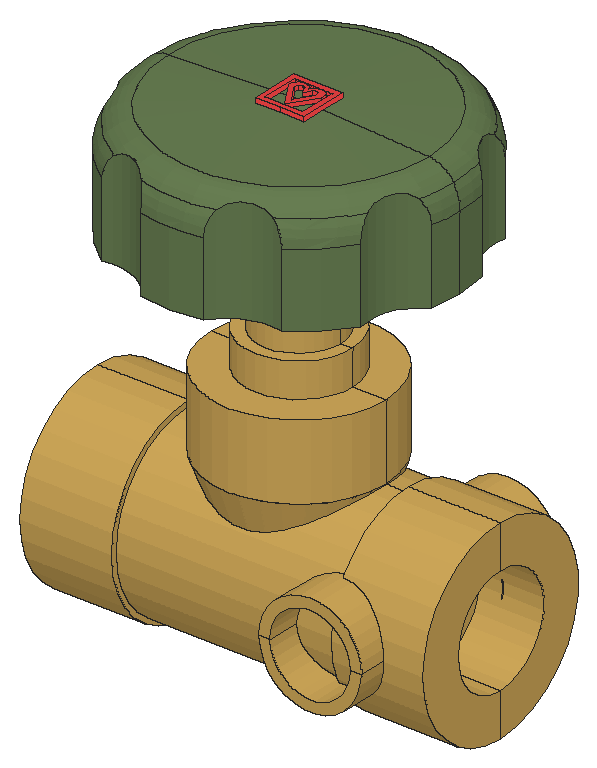
Revit family "HERZ Strömax 4215 AW IG-IG", category Rohrzubehör, Revit 2021
Family settings
  Bemaßung runder Anschluss = Durchmesser verwenden
  Teiletyp = Unterbricht
  OmniClass-Nummer = 23.65.55.14
  OmniClass-Titel = Valves for Liquid Services
  Arbeitsebenenbasiert = Nein
  Immer vertikal = Ja
  Beim Laden mit Abzugskörper schneiden = Nein
  Gemeinsam genutzt = Nein
Parameters
  Vorgabe-Ansicht = 0 mm
  URL = "www.herzvalves.com"
  T02 = 8.5 mm  # constant formula
  T01 [instance] = size_lookup("4215AW_", "T1", 17.5 mm, Nennweite)  # 23 mm
  R09 [instance] = R08 - 2 mm  # 7.5 mm
  Part number [instance] = size_lookup("4215AW_", "Artnr", 0, Nennweite)  # 2421532
  O-Rings = "EPDM"  # constant formula
  SC_NennweiteBerechnet = 0
  SC_Dimension = ""
  SCTWSEQ = "FW;SBT_TYP_FW=\"106\";2"
  SCTWCODE = "04;01;02"  # constant formula
  S03 = 60 mm  # constant formula
  S02 [instance] = H01 + H02 + H03  # 53.5 mm
  S01 [instance] = R01 * 2  # 36 mm
  R08 [instance] = size_lookup("4215AW_", "R8", 9.5 mm, Nennweite)  # 9.5 mm
  R07 = 3 mm  # constant formula
  R06 [instance] = size_lookup("4215AW_", "R6", 7.8 mm, Nennweite)  # 7.8 mm
  R05 [instance] = size_lookup("4215AW_", "R5", 10.1 mm, Nennweite)  # 10.1 mm
  R04 [instance] = size_lookup("4215AW_", "R4", 13.5 mm, Nennweite)  # 16.3 mm
  R03 [instance] = size_lookup("4215AW_", "R3", 15 mm, Nennweite)  # 17 mm
  R02 [instance] = Nennweite / 2  # 10 mm
  R01 [instance] = size_lookup("4215AW_", "R1", 16 mm, Nennweite)  # 18 mm
  Note = "Pursuant to Article 33 of the REACH Regulation (EC No. 1907/2006), we are obliged to point out that the material lead is listed on the SVHC list and that all brass components manufactured in our products exceed 0.1% (w / w) lead (CAS: 7439-92-1 / EINECS: 231-100-4).\r\nSince lead is a component part of an alloy, actual exposure is not possible and therefore no additional information on safe use is necessary."
  Nennweite [instance] = 20 mm
  Min. flow at Dp 10 kPa [instance] = if(Nennweite = 15 mm, 0.2, if(Nennweite = 20 mm, 0.4, if(Nennweite = 25 mm, 0.7, if(Nennweite = 32 mm, 1.2, if(Nennweite = 40 mm, 1.6, if(Nennweite = 50 mm, 2.7, 0))))))  # 0.4
  Medium = "Water"  # constant formula
  Max. operating temperature = 90 °C  # constant formula
  Max. operating pressure = 1000000.0 Pa  # constant formula
  Max. differential pressure on closed seat = 1000000.0 Pa  # constant formula
  L03 [instance] = size_lookup("4215AW_", "L3", 15.5 mm, Nennweite)  # 19 mm
  L02 = 12 mm  # constant formula
  L01 [instance] = size_lookup("4215AW_", "L1", 16 mm, Nennweite)  # 17 mm
  L00 [instance] = size_lookup("4215AW_", "L", 65 mm, Nennweite)  # 75 mm
  Hersteller = "HERZ Armaturen Ges.m.b.H."  # constant formula
  Hand wheel = "plastic, green"  # constant formula
  H04 = 21 mm  # constant formula
  H03 [instance] = size_lookup("4215AW_", "H3", 14.6 mm, Nennweite)  # 16.1 mm
  H02 [instance] = size_lookup("4215AW_", "H2", 5.4 mm, Nennweite)  # 6.4 mm
  H01 [instance] = size_lookup("4215AW_", "H1", 26 mm, Nennweite)  # 31 mm
  H00 [instance] = H01 + H02 + H03  # 53.5 mm
  Body = "DZR brass acc. to EN1982"  # constant formula
  Application = "For shutting off drinking water pipes and systems in buildings."
Reference planes
  plane 1 "Mitte (Vorne/hinten)": y = 0
  plane 2: z = 0
  plane 3 "Mitte (Links/rechts)": x = 0
Forms (mm)
  Revolve 1, solid, material "Messing, weicher Gelbton, geschweißt", detail levels fine
    sketch origin (470, 0, 0) x (1, 0, 0) y (0, 0, 1)
      loop
        line (-507.5, 10) -> (-495.5, 10) -> (-495.5, 0) -> (-444.5, 0) -> (-444.5, 10) -> (-432.5, 10) -> (-432.5, 18) -> (-449.5, 18) -> (-449.5, 17) -> (-490.5, 17) -> (-490.5, 18) -> (-507.5, 18) -> (-507.5, 10)
      axis (-507.5, 0) -> (-432.5, 0)
    angle from 0 to 360
  Revolve 2, solid, material "Messing, weicher Gelbton, geschweißt", detail levels fine
    sketch origin (0, 0, 0) x (1, 0, 0) y (0, 0, 1)
      loop
        line (0, 0) -> (0, 53.5) -> (-7.8, 53.5) -> (-7.8, 37.4) -> (-10.1, 37.4) -> (-10.1, 31) -> (-16.3, 31) -> (-16.3, 17) -> (-10, 0) -> (0, 0)
      axis (0, 53.5) -> (0, 0)
    angle from 0 to 360
  Revolve 3, solid, material "Messing, weicher Gelbton, geschweißt", detail levels fine
    sketch origin (0, 0, 0) x (1, 0, 0) y (0, 1, 0)
      loop
        line (20.5, -14.5) -> (28, -14.5) -> (28, -23) -> (30, -23) -> (30, -10) -> (23.5, -10) -> (23.5, 10) -> (30, 10) -> (30, 23) -> (20.5, 23) -> (20.5, -14.5)
      axis (20.5, 23) -> (20.5, -23)
    angle from 0 to 360
Lines and regions (mm)
  model lines, detail levels coarse+medium
    curve 1: line (-37.5, 0, 18) -> (-37.5, 0, -18)
    curve 2: line (-37.5, 0, -18) -> (37.5, 0, 18)
    curve 3: line (37.5, 0, 18) -> (37.5, 0, -18)
    curve 4: line (37.5, 0, -18) -> (-37.5, 0, 18)
    curve 5: line (0, 0, 0) -> (0, 0, 53.5)
    curve 6: line (-30, 0, 53.5) -> (30, 0, 53.5)
    curve 7: line (-37.5, -18, 0) -> (-37.5, 18, 0)
    curve 8: line (-37.5, 18, 0) -> (37.5, -18, 0)
    curve 9: line (37.5, -18, 0) -> (37.5, 18, 0)
    curve 10: line (37.5, 18, 0) -> (-37.5, -18, 0)
    curve 11: line (0, 0, 0) -> (0, 53.5, 0)
    curve 12: line (30, 53.5, 0) -> (-30, 53.5, 0)
Dimensions and locks
  "L00": Revolve 1 sketch curve to Revolve 1 sketch curve
  equal spacing: Revolve 1 sketch curve, plane 3 "Mitte (Links/rechts)", Revolve 1 sketch curve
  "R01": Revolve 1 sketch curve to Revolve 1 sketch curve  (x2)
  "R02": Revolve 1 sketch curve to Revolve 1 sketch curve  (x2)
  "L01": Revolve 1 sketch curve to Revolve 1 sketch curve  (x2)
  "L02": Revolve 1 sketch curve to Revolve 1 sketch curve  (x2)
  "R03": Revolve 1 sketch curve to Revolve 1 sketch curve
  "R03": Revolve 2 sketch curve to Revolve 2 sketch curve
  "R02": Revolve 2 sketch curve to Revolve 2 sketch curve
  "R04": Revolve 2 sketch curve to Revolve 2 sketch curve
  "R05": Revolve 2 sketch curve to Revolve 2 sketch curve
  "R06": Revolve 2 sketch curve to Revolve 2 sketch curve
  "H01": Revolve 2 sketch curve to plane 2
  "T01": Revolve 3 sketch curve to plane 1 "Mitte (Vorne/hinten)" to Revolve 3 sketch curve
  "R02": Revolve 3 sketch curve to plane 1 "Mitte (Vorne/hinten)"
  "R02": plane 1 "Mitte (Vorne/hinten)" to Revolve 3 sketch curve
  "R07": Revolve 3 sketch curve to Revolve 3 sketch curve
  "H02": Revolve 2 sketch curve to Revolve 2 sketch curve
  "H03": Revolve 2 sketch curve to Revolve 2 sketch curve
  "H00": nested 1 to plane 2
  "H04": nested 2 to Revolve 2
  equal spacing: curve 4, plane 2, curve 2
  "S01": curve 4 to curve 2
  equal spacing: curve 3, plane 2, curve 4
  "S01": curve 3 to curve 4
  equal spacing: curve 1, plane 3 "Mitte (Links/rechts)", curve 3
  "L00": curve 1 to curve 3
  "S02": curve 5 to plane 2
  equal spacing: curve 6, curve 5, curve 6
  "S03": curve 6 to curve 6
  equal spacing: curve 10, plane 1 "Mitte (Vorne/hinten)", curve 8
  "S01": curve 8 to curve 10
  equal spacing: curve 9, plane 1 "Mitte (Vorne/hinten)", curve 10
  "S01": curve 10 to curve 9
  equal spacing: curve 7, plane 3 "Mitte (Links/rechts)", curve 9
  "L00": curve 7 to curve 9
  "S02": plane 1 "Mitte (Vorne/hinten)" to curve 11
  equal spacing: curve 12, curve 11, curve 12
  "S03": curve 12 to curve 12
  "T02": Revolve 3 sketch curve to Revolve 3 sketch curve
  "R08": Revolve 3 sketch curve to Revolve 3 sketch curve
  "R03": Revolve 3 sketch curve to Revolve 1
  "R09": Revolve 3 sketch curve to Revolve 3 sketch curve
  aligned and locked: level to plane 2
Automatic sketch dimensions
  curve 5 to level = 0 mm
  curve 11 to plane 3 "Mitte (Links/rechts)" = 0 mm
  Revolve 1 sketch curve to level = 0 mm  (x2)
  Revolve 1 sketch curve to Revolve 1 sketch curve = 791.99 mm
  Revolve 1 sketch curve to Revolve 1 sketch curve = 2278.983 mm
  Revolve 2 sketch curve to level = 0 mm
  Revolve 2 sketch curve to plane 3 "Mitte (Links/rechts)" = 0 mm  (x2)
  Revolve 2 sketch curve to Revolve 2 sketch curve = 366.045 mm
  Revolve 2 sketch curve to Revolve 2 sketch curve = 2165.278 mm
  Revolve 3 sketch curve to Revolve 3 sketch curve = 0 mm  (x2)
  Revolve 3 sketch curve to Revolve 3 sketch curve = 6.5 mm
  Revolve 3 sketch curve to Revolve 3 sketch curve = 3.768 mm
Nested families
  nested 1: "Strömax-Handrad (Grün)" at (0, 0, 53.5), type "Strömax-Handrad (Grün)", detail levels fine
    with Nennweite 0 mm, Gewicht 0.00 kg, Bestellnummer 0
  nested 2: "Herz-Logo" at (0, 0, 74.5), type "Herz-Logo", detail levels fine
Connectors
  piping at (-25.5, 0, 0), diameter 20, driven by "Nennweite"
    settings: on Revolve 1, index 1, connector inside diameter 609.6 mm, connector length 0 mm, flow factor 0, pipe flow 0.0 L/s, pressure drop 0.0 Pa, fitting loss kfactor 0, connector angle 0.00°, fixture units 0, engagement length 0 mm, angle of deflection 0.00°, flow configuration 0, flow direction 1, fitting loss method 0, system type 29, joint type 0, gender type 0, connector reference index -1, connector utility 0, adjustable connector no, is connector primary yes, connector description ""
  piping at (25.5, 0, 0), diameter 20, driven by "Nennweite"
    settings: on Revolve 1, index 2, connector inside diameter 609.6 mm, connector length 0 mm, flow factor 0, pipe flow 0.0 L/s, pressure drop 0.0 Pa, fitting loss kfactor 0, connector angle 0.00°, fixture units 0, engagement length 0 mm, angle of deflection 0.00°, flow configuration 0, flow direction 2, fitting loss method 0, system type 29, joint type 0, gender type 0, connector reference index -1, connector utility 0, adjustable connector no, is connector primary no, connector description ""
Definition of nested family "Strömax-Handrad (Grün)"
  Parameters (values of type "Strömax-Handrad (Grün)")
    Default Elevation = 0 mm
    URL = "www.herz-armaturen.at"
    Nennweite [instance] = 0 mm
    Manufacturer = "Herz Armaturen GmbH"  # constant formula
    Gewicht [instance] = 0.00 kg
    Bestellnummer [instance] = 0
  Reference planes
    plane 1 "Mitte (Vorne/hinten)": y = 0
    plane 2: z = 0
    plane 3 "Mitte (Links/rechts)": x = 0
  Forms (mm)
    Revolve 1, solid
      sketch origin (0, 0, 0) x (1, 0, 0) y (0, 0, 1)
        loop
          line (0, 0) -> (0, 22)
          arc (0, 22) -> (-12.15, 21.705) -> (-24.271, 20.819) r 250
          arc (-24.271, 20.819) -> (-26.831, 19.959) -> (-28.754, 18.063) r 6
          arc (-28.754, 18.063) -> (-29.682, 16.008) -> (-30, 13.776) r 8
          line (-30, 13.776) -> (-30, 0) -> (0, 0)
        axis (0, 22) -> (0, 0)
      angle from 0 to 360
    Extrusion 2, void
      sketch origin (0, 0, 0) x (1, 0, 0) y (0, 1, 0)
        loop
          circle (14.351, -34.645) r 10
      from 0 to 22
    Extrusion 3, void
      sketch origin (0, 0, 0) x (-1, 0, 0) y (0, -1, 0)
        loop
          circle (14.351, 34.645) r 10
      from 0 to 22
    Extrusion 4, void
      sketch origin (0, 0, 0) x (0, -1, 0) y (1, 0, 0)
        loop
          circle (14.351, 34.645) r 10
      from 0 to 22
    Extrusion 5, void
      sketch origin (0, 0, 0) x (0, 1, 0) y (-1, 0, 0)
        loop
          circle (14.351, -34.645) r 10
      from 0 to 22
    Extrusion 6, void
      sketch origin (0, 0, 0) x (0, -1, 0) y (1, 0, 0)
        loop
          circle (14.351, -34.645) r 10
      from 0 to 22
    Extrusion 7, void
      sketch origin (0, 0, 0) x (0, 1, 0) y (-1, 0, 0)
        loop
          circle (14.351, 34.645) r 10
      from 0 to 22
    Extrusion 8, void
      sketch origin (0, 0, 0) x (1, 0, 0) y (0, 1, 0)
        loop
          circle (14.351, 34.645) r 10
      from 0 to 22
    Extrusion 9, void
      sketch origin (0, 0, 0) x (-1, 0, 0) y (0, -1, 0)
        loop
          circle (14.351, -34.645) r 10
      from 0 to 22
  Cuts and joins
    Extrusion 2, Extrusion 3, Extrusion 4, Extrusion 5, Extrusion 6, Extrusion 7, Extrusion 8, Extrusion 9 cuts Revolve 1
  Dimensions and locks
    aligned and locked: level to plane 2
Definition of nested family "Herz-Logo"
  Parameters (values of type "Herz-Logo")
    Default Elevation = 0 mm
  Reference planes
    plane 1 "Mitte (Vorne/hinten)": y = 0
    plane 2: z = 0
    plane 3 "Mitte (Links/rechts)": x = 0
  Forms (mm)
    Extrusion 1, solid
      sketch origin (0, 0, 0) x (1, 0, 0) y (0, 1, 0)
        loop
          line (-0.018, -4.517) -> (4.482, -4.517) -> (4.482, 4.483) -> (-4.518, 4.483) -> (-4.518, -4.517) -> (-0.018, -4.517)
        loop
          line (-0.05, -3.48) -> (3.482, -3.48) -> (3.482, 3.483) -> (-3.518, 3.483) -> (-3.518, -3.48) -> (-0.05, -3.48)
        loop
          arc (-0.018, 2.383) -> (-1.543, 3.287) -> (-3.067, 2.383) r 1.738
          arc (-3.067, 2.383) -> (-3.191, 1.899) -> (-3.067, 1.415) r 1.009
          line (-3.067, 1.415) -> (-0.018, -3.281) -> (3.032, 1.415)
          arc (3.032, 1.415) -> (3.156, 1.899) -> (3.032, 2.383) r 1.009
          arc (3.032, 2.383) -> (1.507, 3.287) -> (-0.018, 2.383) r 1.738
        loop
          arc (1.885, 1.272) -> (2.005, 1.675) -> (1.885, 2.079) r 0.74
          arc (1.885, 2.079) -> (1.265, 2.416) -> (0.644, 2.079) r 0.74
          line (0.644, 2.079) -> (-0.018, 0.97) -> (-0.679, 2.079)
          arc (-0.679, 2.079) -> (-1.3, 2.416) -> (-1.921, 2.079) r 0.74
          arc (-1.921, 2.079) -> (-2.04, 1.675) -> (-1.921, 1.272) r 0.74
          line (-1.921, 1.272) -> (-0.018, -1.658) -> (1.885, 1.272)
      from 0 to 1.5
  Dimensions and locks
    aligned and locked: level to plane 2
